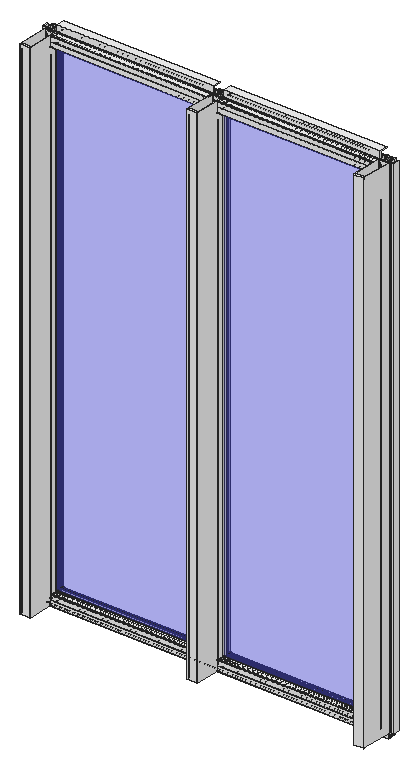
Revit family "Facade_60_Curtain_Wall_E21_Custom", category Windows, host Wall, Revit 2014 (continued)
Definition of nested family "F60 Vertical Profile Side_E21_Cust"
  Automatic sketch dimensions
    Extrusion 9 sketch curve to plane 1 "Center (Front/Back)" = 0.385 mm  (x2)
    Extrusion 9 sketch curve to Extrusion 9 sketch curve = 0.756 mm
    Extrusion 9 sketch curve to Extrusion 9 sketch curve = 2.153 mm
    Extrusion 9 sketch curve to Extrusion 9 sketch curve = 0.631 mm
    Extrusion 9 sketch curve to Extrusion 9 sketch curve = 0.807 mm
    Extrusion 9 sketch curve to Extrusion 9 sketch curve = 1.646 mm
    Extrusion 9 sketch curve to Extrusion 9 sketch curve = 0.707 mm
    Extrusion 9 sketch curve to Extrusion 9 sketch curve = 1.393 mm
    Extrusion 9 sketch curve to Extrusion 9 sketch curve = 1.923 mm
    Extrusion 9 sketch curve to Extrusion 9 sketch curve = 11.937 mm
    Extrusion 9 sketch curve to Extrusion 9 sketch curve = 1.6 mm
    Extrusion 9 sketch curve to Extrusion 9 sketch curve = 0.9 mm  (x2)
    Extrusion 9 sketch curve to Extrusion 9 sketch curve = 1.356 mm  (x2)
    Extrusion 9 sketch curve to Extrusion 9 sketch curve = 0.714 mm
    Extrusion 9 sketch curve to Extrusion 9 sketch curve = 0.02 mm
    Extrusion 9 sketch curve to Extrusion 9 sketch curve = 0.399 mm
    Extrusion 9 sketch curve to Extrusion 9 sketch curve = 2.224 mm
    Extrusion 9 sketch curve to Extrusion 9 sketch curve = 0.448 mm
    Extrusion 9 sketch curve to plane 1 "Center (Front/Back)" = 0.198 mm
    Extrusion 9 sketch curve to plane 1 "Center (Front/Back)" = 0.201 mm
    Extrusion 9 sketch curve to Extrusion 9 sketch curve = 0.032 mm
    Extrusion 9 sketch curve to Extrusion 9 sketch curve = 0 mm
    plane 3 "Center (Left/Right)" to Extrusion 10 sketch curve = 1.014 mm
    Extrusion 10 sketch curve to Extrusion 10 sketch curve = 0.469 mm  (x2)
    plane 3 "Center (Left/Right)" to Extrusion 10 sketch curve = 1.706 mm
    Extrusion 10 sketch curve to Extrusion 10 sketch curve = 1.079 mm
    Extrusion 10 sketch curve to Extrusion 10 sketch curve = 0.864 mm
    Extrusion 10 sketch curve to Extrusion 10 sketch curve = 1.15 mm  (x4)
    Extrusion 10 sketch curve to Extrusion 10 sketch curve = 3.2 mm  (x2)
    Extrusion 10 sketch curve to Extrusion 10 sketch curve = 3.031 mm  (x2)
    Extrusion 10 sketch curve to Extrusion 10 sketch curve = 0.6 mm  (x3)
    Extrusion 10 sketch curve to Extrusion 10 sketch curve = 15.584 mm  (x2)
    Extrusion 10 sketch curve to Extrusion 10 sketch curve = 0.808 mm  (x2)
    Extrusion 10 sketch curve to Extrusion 10 sketch curve = 3.038 mm
    Extrusion 10 sketch curve to Extrusion 10 sketch curve = 0.865 mm
    Extrusion 10 sketch curve to Extrusion 10 sketch curve = 1.25 mm  (x5)
    Extrusion 10 sketch curve to Extrusion 10 sketch curve = 0.61 mm
    plane 1 "Center (Front/Back)" to Extrusion 10 sketch curve = 31.288 mm
    Extrusion 10 sketch curve to Extrusion 10 sketch curve = 0.362 mm
    plane 1 "Center (Front/Back)" to Extrusion 10 sketch curve = 31.65 mm
    Extrusion 10 sketch curve to Extrusion 10 sketch curve = 0.962 mm
    Extrusion 10 sketch curve to Extrusion 10 sketch curve = 0.85 mm
    Extrusion 10 sketch curve to Extrusion 10 sketch curve = 0.512 mm  (x2)
    Extrusion 10 sketch curve to Extrusion 10 sketch curve = 0.4 mm  (x2)
    Extrusion 10 sketch curve to Extrusion 10 sketch curve = 1 mm
    Extrusion 10 sketch curve to Extrusion 10 sketch curve = 2.8 mm
    Extrusion 10 sketch curve to Extrusion 10 sketch curve = 0 mm  (x2)
    Extrusion 10 sketch curve to Extrusion 10 sketch curve = 1.4 mm
    Extrusion 10 sketch curve to Extrusion 10 sketch curve = 0.539 mm  (x2)
    plane 1 "Center (Front/Back)" to Extrusion 10 sketch curve = 28.864 mm
    Extrusion 11 sketch curve to plane 3 "Center (Left/Right)" = 0 mm
    plane 3 "Center (Left/Right)" to Extrusion 11 sketch curve = 0.65 mm
    Extrusion 11 sketch curve to Extrusion 11 sketch curve = 0.128 mm  (x2)
    plane 3 "Center (Left/Right)" to Extrusion 11 sketch curve = 1.014 mm
    plane 3 "Center (Left/Right)" to Extrusion 11 sketch curve = 1.05 mm
    Extrusion 11 sketch curve to Extrusion 11 sketch curve = 0.469 mm  (x2)
    Extrusion 11 sketch curve to Extrusion 11 sketch curve = 1.079 mm
    Extrusion 11 sketch curve to Extrusion 11 sketch curve = 1.317 mm  (x2)
    Extrusion 11 sketch curve to Extrusion 11 sketch curve = 0 mm  (x3)
    plane 3 "Center (Left/Right)" to Extrusion 11 sketch curve = 3.85 mm
    Extrusion 11 sketch curve to Extrusion 11 sketch curve = 0.15 mm  (x2)
    Extrusion 11 sketch curve to Extrusion 11 sketch curve = 26 mm  (x2)
    Extrusion 11 sketch curve to Extrusion 11 sketch curve = 1.05 mm
    Extrusion 11 sketch curve to Extrusion 11 sketch curve = 0.707 mm
    Extrusion 11 sketch curve to Extrusion 11 sketch curve = 0.433 mm
    plane 1 "Center (Front/Back)" to Extrusion 11 sketch curve = 31.288 mm
    plane 1 "Center (Front/Back)" to Extrusion 11 sketch curve = 28.065 mm
    Extrusion 11 sketch curve to Extrusion 11 sketch curve = 1.314 mm
    Extrusion 11 sketch curve to Extrusion 11 sketch curve = 0.65 mm
    Extrusion 11 sketch curve to Extrusion 11 sketch curve = 0.5 mm  (x2)
    plane 1 "Center (Front/Back)" to Extrusion 11 sketch curve = 32.75 mm
    Extrusion 11 sketch curve to Extrusion 11 sketch curve = 0.1 mm  (x3)
    Extrusion 11 sketch curve to Extrusion 11 sketch curve = 1.1 mm  (x2)
    Extrusion 11 sketch curve to Extrusion 11 sketch curve = 8.608 mm
    Extrusion 11 sketch curve to Extrusion 11 sketch curve = 0.962 mm
    Extrusion 12 sketch curve to plane 3 "Center (Left/Right)" = 21.349 mm
    Extrusion 12 sketch curve to Extrusion 12 sketch curve = 6.35 mm
    plane 3 "Center (Left/Right)" to Extrusion 12 sketch curve = 10.403 mm
    plane 1 "Center (Front/Back)" to Extrusion 12 sketch curve = 35.567 mm
    plane 1 "Center (Front/Back)" to Extrusion 12 sketch curve = 10.171 mm
    plane 1 "Center (Front/Back)" to Extrusion 12 sketch curve = 3.821 mm
    Extrusion 13 sketch curve to plane 3 "Center (Left/Right)" = 21.35 mm
    Extrusion 13 sketch curve to Extrusion 13 sketch curve = 6.35 mm
    plane 3 "Center (Left/Right)" to Extrusion 13 sketch curve = 10.402 mm
    plane 1 "Center (Front/Back)" to Extrusion 13 sketch curve = 33.172 mm
    plane 1 "Center (Front/Back)" to Extrusion 13 sketch curve = 7.775 mm
    plane 1 "Center (Front/Back)" to Extrusion 13 sketch curve = 1.425 mm
    Extrusion 14 sketch curve to plane 3 "Center (Left/Right)" = 0 mm
    plane 3 "Center (Left/Right)" to Extrusion 14 sketch curve = 1.2 mm
    Extrusion 14 sketch curve to Extrusion 14 sketch curve = 9.6 mm
    Extrusion 14 sketch curve to Extrusion 14 sketch curve = 1.2 mm  (x3)
    plane 1 "Center (Front/Back)" to Extrusion 14 sketch curve = 25.775 mm
    plane 1 "Center (Front/Back)" to Extrusion 14 sketch curve = 8.975 mm
    curve 4 to Extrusion 6 = 0 mm
    curve 3 to Extrusion 6 = 0 mm
    curve 1 to Extrusion 6 = 0 mm
    curve 4 to Extrusion 6 = 3.6 mm
    curve 3 to Extrusion 6 = 3.6 mm
    curve 1 to Extrusion 6 = 3.6 mm
    Extrusion 6 to curve 2 = 1 mm
    Extrusion 6 to curve 5 = 1 mm
    Extrusion 6 to curve 6 = 1 mm
    curve 6 to Extrusion 6 = 1 mm
    curve 5 to Extrusion 6 = 1 mm
    curve 2 to Extrusion 6 = 1 mm
    curve 9 to Extrusion 6 = 0 mm
    curve 8 to Extrusion 6 = 0 mm
    curve 7 to Extrusion 6 = 0 mm
    Extrusion 6 to curve 8 = 3.6 mm
    Extrusion 6 to curve 9 = 3.6 mm
    Extrusion 6 to curve 7 = 3.6 mm
    curve 12 to Extrusion 5 = 25.894 mm
    curve 11 to Extrusion 5 = 25.894 mm
    curve 10 to Extrusion 5 = 25.894 mm
    curve 10 to Extrusion 5 = 0.108 mm
    Extrusion 5 to curve 12 = 0.703 mm
    Extrusion 5 to curve 11 = 0.703 mm
    curve 13 to Extrusion 5 = 4 mm
    curve 14 to Extrusion 5 = 4 mm
    curve 15 to Extrusion 5 = 4 mm
    Extrusion 5 to curve 15 = 0.702 mm
    Extrusion 5 to curve 14 = 0.702 mm
    Extrusion 5 to curve 13 = 0.702 mm
    curve 18 to Extrusion 7 = 0 mm
    curve 17 to Extrusion 7 = 0 mm
    curve 16 to Extrusion 7 = 0 mm
    Extrusion 7 to curve 17 = 3.6 mm
    Extrusion 7 to curve 18 = 3.6 mm
    Extrusion 7 to curve 16 = 3.6 mm
    Extrusion 7 to curve 21 = 1 mm  (x2)
    Extrusion 7 to curve 20 = 1 mm  (x2)
    Extrusion 7 to curve 19 = 1 mm  (x2)
    curve 24 to Extrusion 7 = 0 mm
    curve 23 to Extrusion 7 = 0 mm
    curve 22 to Extrusion 7 = 0 mm
    curve 24 to Extrusion 7 = 3.6 mm
    curve 23 to Extrusion 7 = 3.6 mm
    curve 22 to Extrusion 7 = 3.6 mm
    curve 27 to Extrusion 8 = 0 mm
    curve 26 to Extrusion 8 = 0 mm
    curve 25 to Extrusion 8 = 0 mm
    Extrusion 8 to curve 26 = 3.6 mm
    Extrusion 8 to curve 27 = 3.6 mm
    Extrusion 8 to curve 25 = 3.6 mm
    Extrusion 8 to curve 30 = 0.221 mm
    Extrusion 8 to curve 29 = 0.221 mm
    Extrusion 8 to curve 28 = 0.221 mm
    curve 29 to Extrusion 8 = 0.222 mm
    curve 30 to Extrusion 8 = 0.222 mm
    curve 28 to Extrusion 8 = 0.222 mm
    curve 33 to Extrusion 8 = 0 mm
    curve 32 to Extrusion 8 = 0 mm
    curve 31 to Extrusion 8 = 0 mm
    curve 33 to Extrusion 8 = 3.6 mm
    curve 32 to Extrusion 8 = 3.6 mm
    curve 31 to Extrusion 8 = 3.6 mm
    curve 34 to Extrusion 11 = 4.016 mm
    curve 35 to Extrusion 11 = 4.016 mm
    curve 36 to Extrusion 11 = 3.97 mm
    Extrusion 11 to curve 36 = 0.637 mm
    Extrusion 11 to curve 35 = 0.637 mm
    Extrusion 11 to curve 34 = 0.637 mm
    curve 37 to Extrusion 11 = 29.221 mm
    curve 38 to Extrusion 11 = 29.221 mm
    curve 39 to Extrusion 11 = 29.221 mm
    Extrusion 11 to curve 39 = 3.222 mm
    Extrusion 11 to curve 38 = 3.222 mm
    Extrusion 11 to curve 37 = 3.222 mm
Definition of nested family "F60 Horizontal Profile Top_E21_Cust"
  Parameters (values of type "F60 Horizontal Profile Top")
    Thermal Break Material [instance] = none
    Single Glazing [instance] = yes
    Profile Material [instance] = none
    Length [instance] = 250 mm
    Double Glazing [instance] = yes
  Reference planes
    plane 1 "Center (Front/Back)": y = 0
    plane 2: z = 0
    plane 3 "Center (Left/Right)": x = 0
  Forms (mm)
    Extrusion 1, solid, material <- "Profile Material"
      sketch origin (0, 0, 0) x (0, 1, 0) y (0, 0, 1)
        loop
          line (-9.94, 7.845) -> (-8.37, 6.275) -> (-1.2, 10.415) -> (-1.2, 1.2) -> (-5, 1.2) -> (-5, 0) -> (-1, 0)
          arc (-1, 0) -> (-0.293, 0.293) -> (0, 1) r 1
          line (0, 1) -> (0, 30) -> (0, 59)
          arc (0, 59) -> (-0.293, 59.707) -> (-1, 60) r 1
          line (-1, 60) -> (-5, 60) -> (-5, 58.8) -> (-1.2, 58.8) -> (-1.2, 49.585) -> (-8.37, 53.725) -> (-9.94, 52.155)
          arc (-9.94, 52.155) -> (-9.902, 51.269) -> (-9.016, 51.232) r 0.655
          line (-9.016, 51.232) -> (-8.077, 52.17) -> (-1.2, 48.2) -> (-1.2, 30) -> (-1.2, 11.8) -> (-8.077, 7.83) -> (-9.016, 8.768)
          arc (-9.016, 8.768) -> (-9.902, 8.731) -> (-9.94, 7.845) r 0.655
      from 0 to 250 <- "Length"
    Extrusion 2, solid, material <- "Profile Material"
      sketch origin (0, 0, 0) x (0, 1, 0) y (0, 0, 1)
        loop
          line (-5, 60) -> (-44.6, 60) -> (-44.6, 58.35) -> (-39.944, 58.35) -> (-39.944, 1.65) -> (-44.6, 1.65) -> (-44.6, 0) -> (-5, 0) -> (-5, 2.2) -> (-4.2, 2.2) -> (-4.2, 3.018)
          arc (-4.2, 3.018) -> (-4.352, 3.783) -> (-4.786, 4.432) r 2
          line (-4.786, 4.432) -> (-7.054, 6.7) -> (-8, 6.489) -> (-8, 5.7) -> (-7.205, 5.7) -> (-7.205, 2.95) -> (-8, 2.95) -> (-8, 1.95) -> (-12.752, 1.95) -> (-12.752, 6.7) -> (-14.152, 6.7) -> (-14.152, 1.65) -> (-38.65, 1.65) -> (-38.65, 8.33) -> (-37.097, 8.33) -> (-34.666, 6.973)
          arc (-34.666, 6.973) -> (-33.846, 7.192) -> (-34.066, 8.012) r 0.6
          line (-34.066, 8.012) -> (-37.128, 9.78) -> (-38.65, 9.78) -> (-38.65, 12.65) -> (-37.6, 13.7) -> (-37.6, 20.3) -> (-38.65, 21.35) -> (-38.65, 38.65) -> (-37.6, 39.7) -> (-37.6, 46.3) -> (-38.65, 47.35) -> (-38.65, 50.22) -> (-37.128, 50.22) -> (-34.066, 51.988)
          arc (-34.066, 51.988) -> (-33.846, 52.808) -> (-34.666, 53.027) r 0.6
          line (-34.666, 53.027) -> (-37.032, 51.661) -> (-38.65, 51.661) -> (-38.65, 58.35) -> (-14.152, 58.35) -> (-14.152, 53.3) -> (-12.752, 53.3) -> (-12.752, 58.05) -> (-8, 58.05) -> (-8, 57.05) -> (-7.205, 57.05) -> (-7.205, 54.3) -> (-8, 54.3) -> (-8, 53.511) -> (-7.054, 53.3) -> (-4.786, 55.568)
          arc (-4.786, 55.568) -> (-4.352, 56.217) -> (-4.2, 56.982) r 2
          line (-4.2, 56.982) -> (-4.2, 57.8) -> (-5, 57.8) -> (-5, 60)
      from 0 to 250 <- "Length"
    Extrusion 3, solid, material <- "Thermal Break Material"
      sketch origin (0, 0, 0) x (0, 1, 0) y (0, 0, 1)
        loop
          line (-40, 1.75) -> (-40, 30) -> (-40, 58.25) -> (-44.6, 58.25) -> (-44.6, 60) -> (-45.9, 60) -> (-45.9, 53.65) -> (-41.788, 53.65)
          arc (-41.788, 53.65) -> (-41.363, 53.474) -> (-41.187, 53.05) r 0.6
          line (-41.187, 53.05) -> (-41.187, 30) -> (-41.187, 6.95)
          arc (-41.187, 6.95) -> (-41.363, 6.526) -> (-41.788, 6.35) r 0.6
          line (-41.788, 6.35) -> (-45.9, 6.35) -> (-45.9, 0) -> (-44.6, 0) -> (-44.6, 1.75) -> (-40, 1.75)
      from 0 to 250 <- "Length"
    Extrusion 4, solid, material <- "Profile Material"
      sketch origin (0, 0, 0) x (0, 1, 0) y (0, 0, 1)
        loop
          line (-58.5, 25.249) -> (-43.6, 25.249)
          arc (-43.6, 25.249) -> (-43.034, 25.015) -> (-42.8, 24.449) r 0.8
          line (-42.8, 24.449) -> (-42.8, 7.9) -> (-44.4, 7.9) -> (-44.4, 9.45) -> (-45.25, 9.45)
          arc (-45.25, 9.45) -> (-45.674, 9.274) -> (-45.85, 8.85) r 0.6
          line (-45.85, 8.85) -> (-45.85, 7.9) -> (-48.8, 7.9)
          arc (-48.8, 7.9) -> (-49.3, 8.4) -> (-49.8, 7.9) r 0.5
          line (-49.8, 7.9) -> (-49.8, 5.55) -> (-48.65, 5.55) -> (-48.65, 6.7) -> (-47.35, 6.7) -> (-47.35, 1.2) -> (-48.65, 1.2) -> (-48.65, 2.35) -> (-49.8, 2.35) -> (-49.8, 0.5)
          arc (-49.8, 0.5) -> (-49.654, 0.146) -> (-49.3, 0) r 0.5
          line (-49.3, 0) -> (-45.9, 0) -> (-45.9, 6.45) -> (-42.2, 6.45)
          arc (-42.2, 6.45) -> (-41.634, 6.684) -> (-41.4, 7.25) r 0.8
          line (-41.4, 7.25) -> (-41.4, 30) -> (-41.4, 52.75)
          arc (-41.4, 52.75) -> (-41.634, 53.316) -> (-42.2, 53.55) r 0.8
          line (-42.2, 53.55) -> (-45.9, 53.55) -> (-45.9, 60) -> (-49.3, 60)
          arc (-49.3, 60) -> (-49.654, 59.854) -> (-49.8, 59.5) r 0.5
          line (-49.8, 59.5) -> (-49.8, 57.65) -> (-48.65, 57.65) -> (-48.65, 58.8) -> (-47.35, 58.8) -> (-47.35, 53.3) -> (-48.65, 53.3) -> (-48.65, 54.45) -> (-49.8, 54.45) -> (-49.8, 52.1)
          arc (-49.8, 52.1) -> (-49.3, 51.6) -> (-48.8, 52.1) r 0.5
          line (-48.8, 52.1) -> (-45.85, 52.1) -> (-45.85, 51.15)
          arc (-45.85, 51.15) -> (-45.674, 50.726) -> (-45.25, 50.55) r 0.6
          line (-45.25, 50.55) -> (-44.4, 50.55) -> (-44.4, 52.1) -> (-42.8, 52.1) -> (-42.8, 35.551)
          arc (-42.8, 35.551) -> (-43.034, 34.985) -> (-43.6, 34.751) r 0.8
          line (-43.6, 34.751) -> (-58.5, 34.751)
          arc (-58.5, 34.751) -> (-59.066, 34.516) -> (-59.3, 33.951) r 0.8
          line (-59.3, 33.951) -> (-59.3, 32.902) -> (-42.8, 32.902) -> (-42.8, 27.1) -> (-59.3, 27.1) -> (-59.3, 26.049)
          arc (-59.3, 26.049) -> (-59.066, 25.484) -> (-58.5, 25.249) r 0.8
      from 0 to 250 <- "Length"
    Extrusion 5, solid, material <- "Thermal Break Material", visible <- "Single Glazing"
      sketch origin (0, 0, 0) x (0, 1, 0) y (0, 0, 1)
        loop
          arc (-63.8, 25.751) -> (-63.654, 25.397) -> (-63.3, 25.251) r 0.5
          line (-63.3, 25.251) -> (-59.8, 25.251)
          arc (-59.8, 25.251) -> (-59.446, 25.397) -> (-59.3, 25.751) r 0.5
          line (-59.3, 25.751) -> (-59.3, 27.648) -> (-49.599, 27.648) -> (-47.528, 28.651)
          arc (-47.528, 28.651) -> (-46.803, 30.001) -> (-47.528, 31.351) r 1.62
          line (-47.528, 31.351) -> (-49.599, 32.353) -> (-59.3, 32.353) -> (-59.3, 34.251)
          arc (-59.3, 34.251) -> (-59.446, 34.604) -> (-59.8, 34.751) r 0.5
          line (-59.8, 34.751) -> (-63.3, 34.751)
          arc (-63.3, 34.751) -> (-63.654, 34.604) -> (-63.8, 34.251) r 0.5
          line (-63.8, 34.251) -> (-63.8, 32.328) -> (-62.4, 31.52) -> (-62.4, 28.483) -> (-63.8, 27.673) -> (-63.8, 25.751)
        loop
          line (-59.794, 28.506) -> (-59.006, 29.294)
          arc (-59.006, 29.294) -> (-58.788, 29.618) -> (-58.713, 30.001) r 0.986
          arc (-58.713, 30.001) -> (-58.79, 30.384) -> (-59.008, 30.71) r 1.007
          line (-59.008, 30.71) -> (-59.794, 31.496) -> (-60.65, 31.496)
          arc (-60.65, 31.496) -> (-61.004, 31.349) -> (-61.15, 30.996) r 0.5
          line (-61.15, 30.996) -> (-61.15, 29.006)
          arc (-61.15, 29.006) -> (-61.004, 28.652) -> (-60.65, 28.506) r 0.5
          line (-60.65, 28.506) -> (-59.794, 28.506)
        loop
          line (-47.854, 30.898) -> (-49.415, 31.653) -> (-56.782, 31.653)
          arc (-56.782, 31.653) -> (-57.207, 31.417) -> (-57.23, 30.932) r 0.5
          arc (-57.23, 30.932) -> (-57.013, 30.001) -> (-57.23, 29.07) r 2.099
          arc (-57.23, 29.07) -> (-57.207, 28.584) -> (-56.782, 28.348) r 0.5
          line (-56.782, 28.348) -> (-49.415, 28.348) -> (-48.055, 29.007)
          arc (-48.055, 29.007) -> (-47.35, 29.888) -> (-47.854, 30.898) r 1.047
      from 0 to 250 <- "Length"
    Extrusion 6, solid, material <- "Profile Material", visible <- "Single Glazing"
      sketch origin (0, 0, 0) x (0, 1, 0) y (0, 0, 1)
        loop
          line (-63.8, 52.694) -> (-64.8, 52.694) -> (-64.8, 51.544) -> (-66.05, 51.544) -> (-66.05, 57.044) -> (-64.8, 57.044) -> (-64.8, 55.894) -> (-63.8, 55.894) -> (-63.8, 58.294)
          arc (-63.8, 58.294) -> (-64.082, 58.803) -> (-64.664, 58.835) r 0.6
          line (-64.664, 58.835) -> (-66.562, 57.91) -> (-67.088, 58.988) -> (-68.05, 58.519) -> (-68.05, 48.513)
          arc (-68.05, 48.513) -> (-67.874, 48.089) -> (-67.45, 47.913) r 0.6
          line (-67.45, 47.913) -> (-66.6, 47.913) -> (-66.6, 12.09) -> (-67.45, 12.09)
          arc (-67.45, 12.09) -> (-67.874, 11.914) -> (-68.05, 11.49) r 0.6
          line (-68.05, 11.49) -> (-68.05, 1.485) -> (-67.088, 1.016) -> (-66.562, 2.095) -> (-64.663, 1.169)
          arc (-64.663, 1.169) -> (-64.082, 1.2) -> (-63.8, 1.709) r 0.6
          line (-63.8, 1.709) -> (-63.8, 4.109) -> (-64.8, 4.109) -> (-64.8, 2.959) -> (-66.05, 2.959) -> (-66.05, 8.459) -> (-64.8, 8.459) -> (-64.8, 7.309) -> (-63.8, 7.309) -> (-63.8, 27.674) -> (-62.4, 28.483) -> (-62.4, 31.521) -> (-63.8, 32.329) -> (-63.8, 52.694)
      from 0 to 250 <- "Length"
    Extrusion 7, solid, material <- "Profile Material", visible <- "Single Glazing"
      sketch origin (0, 0, 0) x (0, 1, 0) y (0, 0, 1)
        loop
          line (-68.551, 3.3) -> (-76.559, 3.3) -> (-76.559, 30) -> (-76.559, 56.15)
          arc (-76.559, 56.15) -> (-75.739, 58.13) -> (-73.759, 58.95) r 2.8
          line (-73.759, 58.95) -> (-69.151, 58.95) -> (-69.151, 57.2)
          arc (-69.151, 57.2) -> (-68.987, 56.829) -> (-68.601, 56.703) r 0.5
          arc (-68.601, 56.703) -> (-68.216, 56.829) -> (-68.051, 57.2) r 0.5
          line (-68.051, 57.2) -> (-68.051, 58.517) -> (-67.089, 58.986) -> (-66.563, 57.907) -> (-63.866, 59.222)
          arc (-63.866, 59.222) -> (-64.001, 59.762) -> (-64.504, 60) r 0.65
          line (-64.504, 60) -> (-73.859, 60)
          arc (-73.859, 60) -> (-76.687, 58.828) -> (-77.859, 56) r 4
          line (-77.859, 56) -> (-77.859, 30) -> (-77.859, 2.493)
          arc (-77.859, 2.493) -> (-77.197, 0.799) -> (-75.562, 0.002) r 2.5
          arc (-75.562, 0.002) -> (-75.182, 0.132) -> (-75.021, 0.5) r 0.5
          line (-75.021, 0.5) -> (-75.021, 2) -> (-69.151, 2) -> (-69.151, 0.5)
          arc (-69.151, 0.5) -> (-69.005, 0.146) -> (-68.651, 0) r 0.5
          line (-68.651, 0) -> (-64.504, 0)
          arc (-64.504, 0) -> (-64.001, 0.238) -> (-63.866, 0.778) r 0.65
          line (-63.866, 0.778) -> (-66.563, 2.093) -> (-67.089, 1.014) -> (-68.051, 1.483) -> (-68.051, 2.8)
          arc (-68.051, 2.8) -> (-68.198, 3.154) -> (-68.551, 3.3) r 0.5
      from 0 to 250 <- "Length"
    Extrusion 8, solid, material <- "Thermal Break Material", visible <- "Double Glazing"
      sketch origin (0, 0, 0) x (0, 1, 0) y (0, 0, 1)
        loop
          line (-77.8, 27.673) -> (-77.8, 25.751)
          arc (-77.8, 25.751) -> (-77.654, 25.397) -> (-77.3, 25.251) r 0.5
          line (-77.3, 25.251) -> (-59.8, 25.251)
          arc (-59.8, 25.251) -> (-59.446, 25.397) -> (-59.3, 25.751) r 0.5
          line (-59.3, 25.751) -> (-59.3, 27.647) -> (-49.599, 27.647) -> (-47.528, 28.649)
          arc (-47.528, 28.649) -> (-46.803, 29.999) -> (-47.528, 31.349) r 1.62
          line (-47.528, 31.349) -> (-49.602, 32.353) -> (-59.3, 32.353) -> (-59.3, 34.251)
          arc (-59.3, 34.251) -> (-59.446, 34.604) -> (-59.8, 34.751) r 0.5
          line (-59.8, 34.751) -> (-77.3, 34.751)
          arc (-77.3, 34.751) -> (-77.654, 34.604) -> (-77.8, 34.251) r 0.5
          line (-77.8, 34.251) -> (-77.8, 32.327) -> (-76.4, 31.52) -> (-76.4, 28.482) -> (-77.8, 27.673)
        loop
          line (-59.006, 30.708) -> (-61.156, 32.858)
          arc (-61.156, 32.858) -> (-61.48, 33.074) -> (-61.863, 33.151) r 1
          line (-61.863, 33.151) -> (-73.8, 33.151)
          arc (-73.8, 33.151) -> (-74.507, 32.858) -> (-74.8, 32.151) r 1
          line (-74.8, 32.151) -> (-74.8, 27.851)
          arc (-74.8, 27.851) -> (-74.507, 27.144) -> (-73.8, 26.851) r 1
          line (-73.8, 26.851) -> (-61.863, 26.851)
          arc (-61.863, 26.851) -> (-61.48, 26.927) -> (-61.156, 27.144) r 1
          line (-61.156, 27.144) -> (-59.006, 29.294)
          arc (-59.006, 29.294) -> (-58.788, 29.618) -> (-58.713, 30.001) r 0.986
          arc (-58.713, 30.001) -> (-58.79, 30.383) -> (-59.006, 30.708) r 1.007
        loop
          line (-56.782, 28.347) -> (-49.415, 28.347) -> (-48.055, 29.005)
          arc (-48.055, 29.005) -> (-47.35, 29.887) -> (-47.854, 30.896) r 1.047
          line (-47.854, 30.896) -> (-49.415, 31.652) -> (-56.782, 31.652)
          arc (-56.782, 31.652) -> (-57.207, 31.416) -> (-57.23, 30.93) r 0.5
          arc (-57.23, 30.93) -> (-57.013, 29.999) -> (-57.23, 29.068) r 2.099
          arc (-57.23, 29.068) -> (-57.207, 28.583) -> (-56.782, 28.347) r 0.5
      from 0 to 250 <- "Length"
    Extrusion 9, solid, material <- "Profile Material", visible <- "Double Glazing"
      sketch origin (0, 0, 0) x (0, 1, 0) y (0, 0, 1)
        loop
          line (-77.8, 52.694) -> (-78.8, 52.694) -> (-78.8, 51.544) -> (-80.05, 51.544) -> (-80.05, 57.044) -> (-78.8, 57.044) -> (-78.8, 55.894) -> (-77.8, 55.894) -> (-77.8, 58.294)
          arc (-77.8, 58.294) -> (-78.082, 58.802) -> (-78.664, 58.834) r 0.6
          line (-78.664, 58.834) -> (-80.562, 57.909) -> (-81.088, 58.988) -> (-82.05, 58.518) -> (-82.05, 48.512)
          arc (-82.05, 48.512) -> (-81.874, 48.088) -> (-81.45, 47.912) r 0.6
          line (-81.45, 47.912) -> (-80.6, 47.912) -> (-80.6, 12.089) -> (-81.45, 12.089)
          arc (-81.45, 12.089) -> (-81.874, 11.913) -> (-82.05, 11.489) r 0.6
          line (-82.05, 11.489) -> (-82.05, 1.484) -> (-81.088, 1.015) -> (-80.562, 2.094) -> (-78.663, 1.169)
          arc (-78.663, 1.169) -> (-78.082, 1.199) -> (-77.8, 1.708) r 0.6
          line (-77.8, 1.708) -> (-77.8, 4.108) -> (-78.8, 4.108) -> (-78.8, 2.958) -> (-80.05, 2.958) -> (-80.05, 8.458) -> (-78.8, 8.458) -> (-78.8, 7.308) -> (-77.8, 7.308) -> (-77.8, 27.673) -> (-76.4, 28.482) -> (-76.4, 31.52) -> (-77.8, 32.328) -> (-77.8, 52.694)
      from 0 to 250 <- "Length"
    Extrusion 10, solid, material <- "Profile Material", visible <- "Double Glazing"
      sketch origin (0, 0, 0) x (0, 1, 0) y (0, 0, 1)
        loop
          line (-82.551, 3.3) -> (-90.558, 3.3) -> (-90.558, 30) -> (-90.558, 56.15)
          arc (-90.558, 56.15) -> (-89.738, 58.13) -> (-87.758, 58.95) r 2.8
          line (-87.758, 58.95) -> (-83.151, 58.95) -> (-83.151, 57.2)
          arc (-83.151, 57.2) -> (-82.986, 56.829) -> (-82.601, 56.703) r 0.5
          arc (-82.601, 56.703) -> (-82.215, 56.829) -> (-82.051, 57.2) r 0.5
          line (-82.051, 57.2) -> (-82.051, 58.517) -> (-81.088, 58.986) -> (-80.563, 57.907) -> (-77.866, 59.222)
          arc (-77.866, 59.222) -> (-78, 59.762) -> (-78.503, 60) r 0.65
          line (-78.503, 60) -> (-87.858, 60)
          arc (-87.858, 60) -> (-90.687, 58.828) -> (-91.858, 56) r 4
          line (-91.858, 56) -> (-91.858, 30) -> (-91.858, 2.493)
          arc (-91.858, 2.493) -> (-91.196, 0.799) -> (-89.561, 0.002) r 2.5
          arc (-89.561, 0.002) -> (-89.182, 0.132) -> (-89.021, 0.5) r 0.5
          line (-89.021, 0.5) -> (-89.021, 2) -> (-83.151, 2) -> (-83.151, 0.5)
          arc (-83.151, 0.5) -> (-83.004, 0.146) -> (-82.651, 0) r 0.5
          line (-82.651, 0) -> (-78.503, 0)
          arc (-78.503, 0) -> (-78, 0.238) -> (-77.866, 0.778) r 0.65
          line (-77.866, 0.778) -> (-80.563, 2.093) -> (-81.088, 1.014) -> (-82.051, 1.483) -> (-82.051, 2.8)
          arc (-82.051, 2.8) -> (-82.197, 3.154) -> (-82.551, 3.3) r 0.5
      from 0 to 250 <- "Length"
    Extrusion 11, solid, material <- "Profile Material", visible <- "Double Glazing"
      sketch origin (0, 0, 0) x (0, 1, 0) y (0, 0, 1)
        loop
          line (-57.8, 45.73) -> (-51.8, 45.73) -> (-51.8, 95.73) -> (-101.8, 95.73) -> (-101.8, 89.73) -> (-57.8, 89.73) -> (-57.8, 45.73)
      from 0 to 250 <- "Length"
    Extrusion 12, solid, material <- "Profile Material", visible <- "Double Glazing"
      sketch origin (0, 0, 0) x (0, 1, 0) y (0, 0, 1)
        loop
          line (-75.8, 48) -> (-57.8, 48) -> (-57.8, 60) -> (-75.8, 60) -> (-75.8, 48)
        loop
          line (-74.6, 49.2) -> (-59, 49.2) -> (-59, 58.8) -> (-74.6, 58.8) -> (-74.6, 49.2)
      from 0 to 250 <- "Length"
    Extrusion 13, solid, material <- "Profile Material", visible <- "Single Glazing"
      sketch origin (0, 0, 0) x (0, 1, 0) y (0, 0, 1)
        loop
          line (-59.8, 45.865) -> (-53.8, 45.865) -> (-53.8, 95.865) -> (-103.8, 95.865) -> (-103.8, 89.865) -> (-59.8, 89.865) -> (-59.8, 45.865)
      from 0 to 250 <- "Length"
  Dimensions and locks
    aligned and locked: level to plane 2
Definition of nested family "F60 Sill_E21_Cust"
  Parameters (values of type "F60 Sill")
    Profile Material [instance] = none
    Length Sill [instance] = 250 mm
  Reference planes
    plane 1 "Center (Front/Back)": y = 0
    plane 2: z = 0
    plane 3 "Center (Left/Right)": x = 0
  Forms (mm)
    Extrusion 1, solid, material <- "Profile Material"
      sketch origin (0, 0, 0) x (0, 1, 0) y (0, 0, 1)
        loop
          line (-42.734, 5.324) -> (-48.256, 4.643)
          arc (-48.256, 4.643) -> (-49.196, 4.147) -> (-49.572, 3.154) r 1.5
          line (-49.572, 3.154) -> (-49.572, 1.88) -> (-47.772, 1.88) -> (-47.772, 3.191) -> (-19.233, 6.714)
          arc (-19.233, 6.714) -> (-17.924, 7.083) -> (-16.785, 7.826) r 4.5
          line (-16.785, 7.826) -> (-16.785, 1.88) -> (-15.285, 1.88) -> (-15.285, 24.58)
          arc (-15.285, 24.58) -> (-15.109, 25.004) -> (-14.685, 25.18) r 0.6
          line (-14.685, 25.18) -> (-4.072, 25.18) -> (-4.072, 1.88) -> (-2.572, 1.88) -> (-2.572, 29.88) -> (-4.072, 29.88) -> (-4.072, 28.88) -> (-5.222, 28.88) -> (-5.222, 27.68) -> (-4.072, 27.68) -> (-4.072, 26.38) -> (-9.572, 26.38) -> (-9.572, 27.68) -> (-8.422, 27.68) -> (-8.422, 28.88) -> (-10.172, 28.88)
          arc (-10.172, 28.88) -> (-10.597, 28.704) -> (-10.772, 28.28) r 0.6
          line (-10.772, 28.28) -> (-10.772, 26.38) -> (-15.285, 26.38)
          arc (-15.285, 26.38) -> (-16.345, 25.941) -> (-16.785, 24.88) r 1.5
          line (-16.785, 24.88) -> (-16.785, 11.18)
          arc (-16.785, 11.18) -> (-17.537, 9.193) -> (-19.417, 8.203) r 3
          line (-19.417, 8.203) -> (-39.35, 5.742)
          arc (-39.35, 5.742) -> (-40.527, 6.107) -> (-41.034, 7.231) r 1.5
          line (-41.034, 7.231) -> (-41.034, 19.996)
          arc (-41.034, 19.996) -> (-40.883, 20.394) -> (-40.507, 20.592) r 0.6
          line (-40.507, 20.592) -> (-32.917, 21.529)
          arc (-32.917, 21.529) -> (-31.977, 22.024) -> (-31.601, 23.017) r 1.5
          line (-31.601, 23.017) -> (-31.601, 28.88) -> (-33.101, 28.88) -> (-33.101, 23.548)
          arc (-33.101, 23.548) -> (-33.251, 23.15) -> (-33.627, 22.952) r 0.6
          line (-33.627, 22.952) -> (-45.787, 21.451)
          arc (-45.787, 21.451) -> (-46.727, 20.956) -> (-47.104, 19.962) r 1.5
          line (-47.104, 19.962) -> (-47.104, 19.054)
          arc (-47.104, 19.054) -> (-46.957, 18.7) -> (-46.604, 18.554) r 0.5
          line (-46.604, 18.554) -> (-45.604, 18.554) -> (-45.604, 19.962) -> (-42.734, 20.317) -> (-42.734, 5.324)
      from 0 to 250 <- "Length Sill"
  Dimensions and locks
    aligned and locked: level to plane 2
Definition of nested family "F60 Horizontal Profile Bottom_E21_Cust"
  Parameters (values of type "F60 Horizontal Profile Bottom")
    Thermal Break Material [instance] = none
    Single Glazing [instance] = yes
    Profile Material [instance] = none
    Length [instance] = 250 mm
    Double Glazing [instance] = yes
  Reference planes
    plane 1 "Center (Front/Back)": y = 0
    plane 2: z = 0
    plane 3 "Center (Left/Right)": x = 0
  Forms (mm)
    Extrusion 1, solid, material <- "Profile Material"
      sketch origin (0, 0, 0) x (0, 1, 0) y (0, 0, 1)
        loop
          line (-9.94, 7.845) -> (-8.37, 6.275) -> (-1.2, 10.415) -> (-1.2, 1.2) -> (-5, 1.2) -> (-5, 0) -> (-1, 0)
          arc (-1, 0) -> (-0.293, 0.293) -> (0, 1) r 1
          line (0, 1) -> (0, 30) -> (0, 59)
          arc (0, 59) -> (-0.293, 59.707) -> (-1, 60) r 1
          line (-1, 60) -> (-5, 60) -> (-5, 58.8) -> (-1.2, 58.8) -> (-1.2, 49.585) -> (-8.37, 53.725) -> (-9.94, 52.155)
          arc (-9.94, 52.155) -> (-9.902, 51.269) -> (-9.016, 51.232) r 0.655
          line (-9.016, 51.232) -> (-8.077, 52.17) -> (-1.2, 48.2) -> (-1.2, 30) -> (-1.2, 11.8) -> (-8.077, 7.83) -> (-9.016, 8.768)
          arc (-9.016, 8.768) -> (-9.902, 8.731) -> (-9.94, 7.845) r 0.655
      from 0 to 250 <- "Length"
    Extrusion 2, solid, material <- "Profile Material"
      sketch origin (0, 0, 0) x (0, 1, 0) y (0, 0, 1)
        loop
          line (-5, 60) -> (-44.6, 60) -> (-44.6, 58.35) -> (-39.944, 58.35) -> (-39.944, 1.65) -> (-44.6, 1.65) -> (-44.6, 0) -> (-5, 0) -> (-5, 2.2) -> (-4.2, 2.2) -> (-4.2, 3.018)
          arc (-4.2, 3.018) -> (-4.352, 3.783) -> (-4.786, 4.432) r 2
          line (-4.786, 4.432) -> (-7.054, 6.7) -> (-8, 6.489) -> (-8, 5.7) -> (-7.205, 5.7) -> (-7.205, 2.95) -> (-8, 2.95) -> (-8, 1.95) -> (-12.752, 1.95) -> (-12.752, 6.7) -> (-14.152, 6.7) -> (-14.152, 1.65) -> (-38.65, 1.65) -> (-38.65, 8.33) -> (-37.097, 8.33) -> (-34.666, 6.973)
          arc (-34.666, 6.973) -> (-33.846, 7.192) -> (-34.066, 8.012) r 0.6
          line (-34.066, 8.012) -> (-37.128, 9.78) -> (-38.65, 9.78) -> (-38.65, 12.65) -> (-37.6, 13.7) -> (-37.6, 20.3) -> (-38.65, 21.35) -> (-38.65, 38.65) -> (-37.6, 39.7) -> (-37.6, 46.3) -> (-38.65, 47.35) -> (-38.65, 50.22) -> (-37.128, 50.22) -> (-34.066, 51.988)
          arc (-34.066, 51.988) -> (-33.846, 52.808) -> (-34.666, 53.027) r 0.6
          line (-34.666, 53.027) -> (-37.032, 51.661) -> (-38.65, 51.661) -> (-38.65, 58.35) -> (-14.152, 58.35) -> (-14.152, 53.3) -> (-12.752, 53.3) -> (-12.752, 58.05) -> (-8, 58.05) -> (-8, 57.05) -> (-7.205, 57.05) -> (-7.205, 54.3) -> (-8, 54.3) -> (-8, 53.511) -> (-7.054, 53.3) -> (-4.786, 55.568)
          arc (-4.786, 55.568) -> (-4.352, 56.217) -> (-4.2, 56.982) r 2
          line (-4.2, 56.982) -> (-4.2, 57.8) -> (-5, 57.8) -> (-5, 60)
      from 0 to 250 <- "Length"
    Extrusion 3, solid, material <- "Thermal Break Material"
      sketch origin (0, 0, 0) x (0, 1, 0) y (0, 0, 1)
        loop
          line (-40, 1.75) -> (-40, 30) -> (-40, 58.25) -> (-44.6, 58.25) -> (-44.6, 60) -> (-45.9, 60) -> (-45.9, 53.65) -> (-41.788, 53.65)
          arc (-41.788, 53.65) -> (-41.363, 53.474) -> (-41.187, 53.05) r 0.6
          line (-41.187, 53.05) -> (-41.187, 30) -> (-41.187, 6.95)
          arc (-41.187, 6.95) -> (-41.363, 6.526) -> (-41.788, 6.35) r 0.6
          line (-41.788, 6.35) -> (-45.9, 6.35) -> (-45.9, 0) -> (-44.6, 0) -> (-44.6, 1.75) -> (-40, 1.75)
      from 0 to 250 <- "Length"
    Extrusion 4, solid, material <- "Profile Material"
      sketch origin (0, 0, 0) x (0, 1, 0) y (0, 0, 1)
        loop
          line (-58.5, 25.249) -> (-43.6, 25.249)
          arc (-43.6, 25.249) -> (-43.034, 25.015) -> (-42.8, 24.449) r 0.8
          line (-42.8, 24.449) -> (-42.8, 7.9) -> (-44.4, 7.9) -> (-44.4, 9.45) -> (-45.25, 9.45)
          arc (-45.25, 9.45) -> (-45.674, 9.274) -> (-45.85, 8.85) r 0.6
          line (-45.85, 8.85) -> (-45.85, 7.9) -> (-48.8, 7.9)
          arc (-48.8, 7.9) -> (-49.3, 8.4) -> (-49.8, 7.9) r 0.5
          line (-49.8, 7.9) -> (-49.8, 5.55) -> (-48.65, 5.55) -> (-48.65, 6.7) -> (-47.35, 6.7) -> (-47.35, 1.2) -> (-48.65, 1.2) -> (-48.65, 2.35) -> (-49.8, 2.35) -> (-49.8, 0.5)
          arc (-49.8, 0.5) -> (-49.654, 0.146) -> (-49.3, 0) r 0.5
          line (-49.3, 0) -> (-45.9, 0) -> (-45.9, 6.45) -> (-42.2, 6.45)
          arc (-42.2, 6.45) -> (-41.634, 6.684) -> (-41.4, 7.25) r 0.8
          line (-41.4, 7.25) -> (-41.4, 30) -> (-41.4, 52.75)
          arc (-41.4, 52.75) -> (-41.634, 53.316) -> (-42.2, 53.55) r 0.8
          line (-42.2, 53.55) -> (-45.9, 53.55) -> (-45.9, 60) -> (-49.3, 60)
          arc (-49.3, 60) -> (-49.654, 59.854) -> (-49.8, 59.5) r 0.5
          line (-49.8, 59.5) -> (-49.8, 57.65) -> (-48.65, 57.65) -> (-48.65, 58.8) -> (-47.35, 58.8) -> (-47.35, 53.3) -> (-48.65, 53.3) -> (-48.65, 54.45) -> (-49.8, 54.45) -> (-49.8, 52.1)
          arc (-49.8, 52.1) -> (-49.3, 51.6) -> (-48.8, 52.1) r 0.5
          line (-48.8, 52.1) -> (-45.85, 52.1) -> (-45.85, 51.15)
          arc (-45.85, 51.15) -> (-45.674, 50.726) -> (-45.25, 50.55) r 0.6
          line (-45.25, 50.55) -> (-44.4, 50.55) -> (-44.4, 52.1) -> (-42.8, 52.1) -> (-42.8, 35.551)
          arc (-42.8, 35.551) -> (-43.034, 34.985) -> (-43.6, 34.751) r 0.8
          line (-43.6, 34.751) -> (-58.5, 34.751)
          arc (-58.5, 34.751) -> (-59.066, 34.516) -> (-59.3, 33.951) r 0.8
          line (-59.3, 33.951) -> (-59.3, 32.902) -> (-42.8, 32.902) -> (-42.8, 27.1) -> (-59.3, 27.1) -> (-59.3, 26.049)
          arc (-59.3, 26.049) -> (-59.066, 25.484) -> (-58.5, 25.249) r 0.8
      from 0 to 250 <- "Length"
    Extrusion 5, solid, material <- "Thermal Break Material", visible <- "Single Glazing"
      sketch origin (0, 0, 0) x (0, 1, 0) y (0, 0, 1)
        loop
          arc (-63.8, 25.751) -> (-63.654, 25.397) -> (-63.3, 25.251) r 0.5
          line (-63.3, 25.251) -> (-59.8, 25.251)
          arc (-59.8, 25.251) -> (-59.446, 25.397) -> (-59.3, 25.751) r 0.5
          line (-59.3, 25.751) -> (-59.3, 27.648) -> (-49.599, 27.648) -> (-47.528, 28.651)
          arc (-47.528, 28.651) -> (-46.803, 30.001) -> (-47.528, 31.351) r 1.62
          line (-47.528, 31.351) -> (-49.599, 32.353) -> (-59.3, 32.353) -> (-59.3, 34.251)
          arc (-59.3, 34.251) -> (-59.446, 34.604) -> (-59.8, 34.751) r 0.5
          line (-59.8, 34.751) -> (-63.3, 34.751)
          arc (-63.3, 34.751) -> (-63.654, 34.604) -> (-63.8, 34.251) r 0.5
          line (-63.8, 34.251) -> (-63.8, 32.328) -> (-62.4, 31.52) -> (-62.4, 28.483) -> (-63.8, 27.673) -> (-63.8, 25.751)
        loop
          line (-59.794, 28.506) -> (-59.006, 29.294)
          arc (-59.006, 29.294) -> (-58.788, 29.618) -> (-58.713, 30.001) r 0.986
          arc (-58.713, 30.001) -> (-58.79, 30.384) -> (-59.008, 30.71) r 1.007
          line (-59.008, 30.71) -> (-59.794, 31.496) -> (-60.65, 31.496)
          arc (-60.65, 31.496) -> (-61.004, 31.349) -> (-61.15, 30.996) r 0.5
          line (-61.15, 30.996) -> (-61.15, 29.006)
          arc (-61.15, 29.006) -> (-61.004, 28.652) -> (-60.65, 28.506) r 0.5
          line (-60.65, 28.506) -> (-59.794, 28.506)
        loop
          line (-47.854, 30.898) -> (-49.415, 31.653) -> (-56.782, 31.653)
          arc (-56.782, 31.653) -> (-57.207, 31.417) -> (-57.23, 30.932) r 0.5
          arc (-57.23, 30.932) -> (-57.013, 30.001) -> (-57.23, 29.07) r 2.099
          arc (-57.23, 29.07) -> (-57.207, 28.584) -> (-56.782, 28.348) r 0.5
          line (-56.782, 28.348) -> (-49.415, 28.348) -> (-48.055, 29.007)
          arc (-48.055, 29.007) -> (-47.35, 29.888) -> (-47.854, 30.898) r 1.047
      from 0 to 250 <- "Length"
    Extrusion 6, solid, material <- "Profile Material", visible <- "Single Glazing"
      sketch origin (0, 0, 0) x (0, 1, 0) y (0, 0, 1)
        loop
          line (-63.8, 52.694) -> (-64.8, 52.694) -> (-64.8, 51.544) -> (-66.05, 51.544) -> (-66.05, 57.044) -> (-64.8, 57.044) -> (-64.8, 55.894) -> (-63.8, 55.894) -> (-63.8, 58.294)
          arc (-63.8, 58.294) -> (-64.082, 58.803) -> (-64.664, 58.835) r 0.6
          line (-64.664, 58.835) -> (-66.562, 57.91) -> (-67.088, 58.988) -> (-68.05, 58.519) -> (-68.05, 48.513)
          arc (-68.05, 48.513) -> (-67.874, 48.089) -> (-67.45, 47.913) r 0.6
          line (-67.45, 47.913) -> (-66.6, 47.913) -> (-66.6, 12.09) -> (-67.45, 12.09)
          arc (-67.45, 12.09) -> (-67.874, 11.914) -> (-68.05, 11.49) r 0.6
          line (-68.05, 11.49) -> (-68.05, 1.485) -> (-67.088, 1.016) -> (-66.562, 2.095) -> (-64.663, 1.169)
          arc (-64.663, 1.169) -> (-64.082, 1.2) -> (-63.8, 1.709) r 0.6
          line (-63.8, 1.709) -> (-63.8, 4.109) -> (-64.8, 4.109) -> (-64.8, 2.959) -> (-66.05, 2.959) -> (-66.05, 8.459) -> (-64.8, 8.459) -> (-64.8, 7.309) -> (-63.8, 7.309) -> (-63.8, 27.674) -> (-62.4, 28.483) -> (-62.4, 31.521) -> (-63.8, 32.329) -> (-63.8, 52.694)
      from 0 to 250 <- "Length"
    Extrusion 7, solid, material <- "Profile Material", visible <- "Single Glazing"
      sketch origin (0, 0, 0) x (0, 1, 0) y (0, 0, 1)
        loop
          line (-68.551, 3.3) -> (-76.559, 3.3) -> (-76.559, 30) -> (-76.559, 56.15)
          arc (-76.559, 56.15) -> (-75.739, 58.13) -> (-73.759, 58.95) r 2.8
          line (-73.759, 58.95) -> (-69.151, 58.95) -> (-69.151, 57.2)
          arc (-69.151, 57.2) -> (-68.987, 56.829) -> (-68.601, 56.703) r 0.5
          arc (-68.601, 56.703) -> (-68.216, 56.829) -> (-68.051, 57.2) r 0.5
          line (-68.051, 57.2) -> (-68.051, 58.517) -> (-67.089, 58.986) -> (-66.563, 57.907) -> (-63.866, 59.222)
          arc (-63.866, 59.222) -> (-64.001, 59.762) -> (-64.504, 60) r 0.65
          line (-64.504, 60) -> (-73.859, 60)
          arc (-73.859, 60) -> (-76.687, 58.828) -> (-77.859, 56) r 4
          line (-77.859, 56) -> (-77.859, 30) -> (-77.859, 2.493)
          arc (-77.859, 2.493) -> (-77.197, 0.799) -> (-75.562, 0.002) r 2.5
          arc (-75.562, 0.002) -> (-75.182, 0.132) -> (-75.021, 0.5) r 0.5
          line (-75.021, 0.5) -> (-75.021, 2) -> (-69.151, 2) -> (-69.151, 0.5)
          arc (-69.151, 0.5) -> (-69.005, 0.146) -> (-68.651, 0) r 0.5
          line (-68.651, 0) -> (-64.504, 0)
          arc (-64.504, 0) -> (-64.001, 0.238) -> (-63.866, 0.778) r 0.65
          line (-63.866, 0.778) -> (-66.563, 2.093) -> (-67.089, 1.014) -> (-68.051, 1.483) -> (-68.051, 2.8)
          arc (-68.051, 2.8) -> (-68.198, 3.154) -> (-68.551, 3.3) r 0.5
      from 0 to 250 <- "Length"
    Extrusion 8, solid, material <- "Thermal Break Material", visible <- "Double Glazing"
      sketch origin (0, 0, 0) x (0, 1, 0) y (0, 0, 1)
        loop
          line (-77.8, 27.673) -> (-77.8, 25.751)
          arc (-77.8, 25.751) -> (-77.654, 25.397) -> (-77.3, 25.251) r 0.5
          line (-77.3, 25.251) -> (-59.8, 25.251)
          arc (-59.8, 25.251) -> (-59.446, 25.397) -> (-59.3, 25.751) r 0.5
          line (-59.3, 25.751) -> (-59.3, 27.647) -> (-49.599, 27.647) -> (-47.528, 28.649)
          arc (-47.528, 28.649) -> (-46.803, 29.999) -> (-47.528, 31.349) r 1.62
          line (-47.528, 31.349) -> (-49.602, 32.353) -> (-59.3, 32.353) -> (-59.3, 34.251)
          arc (-59.3, 34.251) -> (-59.446, 34.604) -> (-59.8, 34.751) r 0.5
          line (-59.8, 34.751) -> (-77.3, 34.751)
          arc (-77.3, 34.751) -> (-77.654, 34.604) -> (-77.8, 34.251) r 0.5
          line (-77.8, 34.251) -> (-77.8, 32.327) -> (-76.4, 31.52) -> (-76.4, 28.482) -> (-77.8, 27.673)
        loop
          line (-59.006, 30.708) -> (-61.156, 32.858)
          arc (-61.156, 32.858) -> (-61.48, 33.074) -> (-61.863, 33.151) r 1
          line (-61.863, 33.151) -> (-73.8, 33.151)
          arc (-73.8, 33.151) -> (-74.507, 32.858) -> (-74.8, 32.151) r 1
          line (-74.8, 32.151) -> (-74.8, 27.851)
          arc (-74.8, 27.851) -> (-74.507, 27.144) -> (-73.8, 26.851) r 1
          line (-73.8, 26.851) -> (-61.863, 26.851)
          arc (-61.863, 26.851) -> (-61.48, 26.927) -> (-61.156, 27.144) r 1
          line (-61.156, 27.144) -> (-59.006, 29.294)
          arc (-59.006, 29.294) -> (-58.788, 29.618) -> (-58.713, 30.001) r 0.986
          arc (-58.713, 30.001) -> (-58.79, 30.383) -> (-59.006, 30.708) r 1.007
        loop
          line (-56.782, 28.347) -> (-49.415, 28.347) -> (-48.055, 29.005)
          arc (-48.055, 29.005) -> (-47.35, 29.887) -> (-47.854, 30.896) r 1.047
          line (-47.854, 30.896) -> (-49.415, 31.652) -> (-56.782, 31.652)
          arc (-56.782, 31.652) -> (-57.207, 31.416) -> (-57.23, 30.93) r 0.5
          arc (-57.23, 30.93) -> (-57.013, 29.999) -> (-57.23, 29.068) r 2.099
          arc (-57.23, 29.068) -> (-57.207, 28.583) -> (-56.782, 28.347) r 0.5
      from 0 to 250 <- "Length"
    Extrusion 9, solid, material <- "Profile Material", visible <- "Double Glazing"
      sketch origin (0, 0, 0) x (0, 1, 0) y (0, 0, 1)
        loop
          line (-77.8, 52.694) -> (-78.8, 52.694) -> (-78.8, 51.544) -> (-80.05, 51.544) -> (-80.05, 57.044) -> (-78.8, 57.044) -> (-78.8, 55.894) -> (-77.8, 55.894) -> (-77.8, 58.294)
          arc (-77.8, 58.294) -> (-78.082, 58.802) -> (-78.664, 58.834) r 0.6
          line (-78.664, 58.834) -> (-80.562, 57.909) -> (-81.088, 58.988) -> (-82.05, 58.518) -> (-82.05, 48.512)
          arc (-82.05, 48.512) -> (-81.874, 48.088) -> (-81.45, 47.912) r 0.6
          line (-81.45, 47.912) -> (-80.6, 47.912) -> (-80.6, 12.089) -> (-81.45, 12.089)
          arc (-81.45, 12.089) -> (-81.874, 11.913) -> (-82.05, 11.489) r 0.6
          line (-82.05, 11.489) -> (-82.05, 1.484) -> (-81.088, 1.015) -> (-80.562, 2.094) -> (-78.663, 1.169)
          arc (-78.663, 1.169) -> (-78.082, 1.199) -> (-77.8, 1.708) r 0.6
          line (-77.8, 1.708) -> (-77.8, 4.108) -> (-78.8, 4.108) -> (-78.8, 2.958) -> (-80.05, 2.958) -> (-80.05, 8.458) -> (-78.8, 8.458) -> (-78.8, 7.308) -> (-77.8, 7.308) -> (-77.8, 27.673) -> (-76.4, 28.482) -> (-76.4, 31.52) -> (-77.8, 32.328) -> (-77.8, 52.694)
      from 0 to 250 <- "Length"
    Extrusion 10, solid, material <- "Profile Material", visible <- "Double Glazing"
      sketch origin (0, 0, 0) x (0, 1, 0) y (0, 0, 1)
        loop
          line (-82.551, 3.3) -> (-90.558, 3.3) -> (-90.558, 30) -> (-90.558, 56.15)
          arc (-90.558, 56.15) -> (-89.738, 58.13) -> (-87.758, 58.95) r 2.8
          line (-87.758, 58.95) -> (-83.151, 58.95) -> (-83.151, 57.2)
          arc (-83.151, 57.2) -> (-82.986, 56.829) -> (-82.601, 56.703) r 0.5
          arc (-82.601, 56.703) -> (-82.215, 56.829) -> (-82.051, 57.2) r 0.5
          line (-82.051, 57.2) -> (-82.051, 58.517) -> (-81.088, 58.986) -> (-80.563, 57.907) -> (-77.866, 59.222)
          arc (-77.866, 59.222) -> (-78, 59.762) -> (-78.503, 60) r 0.65
          line (-78.503, 60) -> (-87.858, 60)
          arc (-87.858, 60) -> (-90.687, 58.828) -> (-91.858, 56) r 4
          line (-91.858, 56) -> (-91.858, 30) -> (-91.858, 2.493)
          arc (-91.858, 2.493) -> (-91.196, 0.799) -> (-89.561, 0.002) r 2.5
          arc (-89.561, 0.002) -> (-89.182, 0.132) -> (-89.021, 0.5) r 0.5
          line (-89.021, 0.5) -> (-89.021, 2) -> (-83.151, 2) -> (-83.151, 0.5)
          arc (-83.151, 0.5) -> (-83.004, 0.146) -> (-82.651, 0) r 0.5
          line (-82.651, 0) -> (-78.503, 0)
          arc (-78.503, 0) -> (-78, 0.238) -> (-77.866, 0.778) r 0.65
          line (-77.866, 0.778) -> (-80.563, 2.093) -> (-81.088, 1.014) -> (-82.051, 1.483) -> (-82.051, 2.8)
          arc (-82.051, 2.8) -> (-82.197, 3.154) -> (-82.551, 3.3) r 0.5
      from 0 to 250 <- "Length"
    Extrusion 11, solid, material <- "Profile Material", visible <- "Single Glazing"
      sketch origin (0, 0, 0) x (0, 1, 0) y (0, 0, 1)
        loop
          line (-63.8, 18) -> (-63.8, 0) -> (-51.8, 0) -> (-51.8, 18) -> (-63.8, 18)
        loop
          line (-62.6, 16.8) -> (-62.6, 1.2) -> (-53, 1.2) -> (-53, 16.8) -> (-62.6, 16.8)
      from 0 to 250 <- "Length"
    Extrusion 12, solid, material <- "Profile Material", visible <- "Double Glazing"
      sketch origin (0, 0, 0) x (0, 1, 0) y (0, 0, 1)
        loop
          line (-76.4, 0) -> (-51.4, 0) -> (-51.4, 25) -> (-76.4, 25) -> (-76.4, 0)
        loop
          line (-74.9, 1.5) -> (-52.9, 1.5) -> (-52.9, 23.5) -> (-74.9, 23.5) -> (-74.9, 1.5)
      from 0 to 250 <- "Length"
  Dimensions and locks
    aligned and locked: level to plane 2
Definition of nested family "F60_Single_Glazing_E21_Cust"
  Parameters (values of type "F60_Single_Glazing")
    Glazing Width [instance] = 900 mm
    Glazing Height [instance] = 900 mm
    SG Thickness [instance] = 4 mm
    Glazing Finish [instance] = Glass
  Reference planes
    plane 1 "Center (Front/Back)": y = 0
    plane 2: z = 0
    plane 3 "Center (Left/Right)": x = 0
  Forms (mm)
    Extrusion 1, solid, material "Glass" <- "Glazing Finish"
      sketch origin (0, 0, 0) x (1, 0, 0) y (0, 0, 1)
        loop
          line (0, 0) -> (0, 900) -> (-900, 900) -> (-900, 0) -> (0, 0)
      from 0 to 4 <- "SG Thickness"
  Dimensions and locks
    "Glazing Width": plane 3 "Center (Left/Right)" to Extrusion 1 sketch curve
    "Glazing Height": Extrusion 1 sketch curve to level
    aligned and locked: level to plane 2
    aligned and locked: Extrusion 1 sketch curve to plane 3 "Center (Left/Right)"
    aligned and locked: level to Extrusion 1 sketch curve
Definition of nested family "F60_Double_Glazing_E21_Cust"
  Parameters (values of type "F60_Double_Glazing")
    Glazing Width [instance] = 600 mm
    Glazing Height [instance] = 600 mm
    Glazing Thickness DG [instance] = 4 mm
    Glazing Material [instance] = Glass
    Double Glazing Gasket Thickness [instance] = 12 mm
    Double Glazing Gasket Material [instance] = none
  Reference planes
    plane 1 "Center (Front/Back)": y = 0
    plane 2: z = 0
    plane 3 "Center (Left/Right)": x = 0
  Forms (mm)
    Extrusion 1, solid, material "Glass" <- "Glazing Material"
      sketch origin (0, 0, 0) x (1, 0, 0) y (0, 0, 1)
        loop
          line (0, 0) -> (0, 600) -> (-600, 600) -> (-600, 0) -> (0, 0)
      from 0 to 4 <- "Glazing Thickness DG"
    Extrusion 2, solid, material <- "Double Glazing Gasket Material"
      sketch origin (0, -4, 0) x (1, 0, 0) y (0, 0, 1)
        loop
          line (-600, 600) -> (-600, 0) -> (0, 0) -> (0, 600) -> (-600, 600)
        loop
          line (-592, 8) -> (-8, 8) -> (-8, 592) -> (-592, 592) -> (-592, 8)
      from 0 to 12 <- "Double Glazing Gasket Thickness"
    Extrusion 3, solid, material "Glass" <- "Glazing Material"
      sketch origin (0, -16, 0) x (1, 0, 0) y (0, 0, 1)
        loop
          line (-600, 600) -> (-600, 0) -> (0, 0) -> (0, 600) -> (-600, 600)
      from 0 to 4 <- "Glazing Thickness DG"
  Dimensions and locks
    "Glazing Width": plane 3 "Center (Left/Right)" to Extrusion 1 sketch curve
    "Glazing Height": Extrusion 1 sketch curve to level
    aligned and locked: level to plane 2
    aligned and locked: Extrusion 1 sketch curve to plane 3 "Center (Left/Right)"
    aligned and locked: level to Extrusion 1 sketch curve
    aligned and locked: Extrusion 2 sketch curve to Extrusion 1  (x4)
    aligned and locked: Extrusion 3 sketch curve to Extrusion 2  (x4)
  Automatic sketch dimensions
    Extrusion 2 sketch curve to Extrusion 1 = 8 mm  (x4)
Definition of nested family "F60 Vertical Profile Middle_E21_Cust"
  Parameters (values of type "F60 Vertical Profile Middle")
    Quarter SG Expansion Break [instance] = if(and(Quarter Expansion Break, Single Glazing), 1 = 1, 1 = 0)  # yes
    Quarter Length [instance] = Length / 4  # 62.5 mm
    Thermal Break Material [instance] = none
    Single Glazing [instance] = yes
    Quarter Expansion Break [instance] = yes
    Quarter DG Expansion Break [instance] = if(and(Quarter Expansion Break, Double Glazing), 1 = 1, 1 = 0)  # yes
    Quarter 190mm Expansion Break [instance] = if(and(Quarter Expansion Break, [190mm Mullion]), 1 = 1, 1 = 0)  # yes
    Quarter 160mm Expansion Break [instance] = if(and(Quarter Expansion Break, [160mm Mullion]), 1 = 1, 1 = 0)  # yes
    Quarter 100mm Expansion Break [instance] = if(and(Quarter Expansion Break, [100mm Mullion]), 1 = 1, 1 = 0)  # yes
    Profile Material [instance] = none
    Length [instance] = 250 mm
    Half SG Expansion Break [instance] = if(and(Half Expansion Break, Single Glazing), 1 = 1, 1 = 0)  # yes
    Half Length [instance] = Length / 2  # 125 mm
    Half Expansion Break [instance] = yes
    Half DG Expansion Break [instance] = if(and(Half Expansion Break, Double Glazing), 1 = 1, 1 = 0)  # yes
    Half 190mm Expansion Joint [instance] = if(and(Half Expansion Break, [190mm Mullion]), 1 = 1, 1 = 0)  # yes
    Half 160mm Expansion Break [instance] = if(and(Half Expansion Break, [160mm Mullion]), 1 = 1, 1 = 0)  # yes
    Half 100mm Expansion Break [instance] = if(and(Half Expansion Break, [100mm Mullion]), 1 = 1, 1 = 0)  # yes
    Double Glazing [instance] = yes
    190mm Mullion [instance] = yes
    160mm Mullion [instance] = yes
    100mm Mullion [instance] = yes
  Reference planes
    plane 1 "Center (Front/Back)": y = 0
    plane 2: z = 0
    plane 3 "Center (Left/Right)": x = 0
  Forms (mm)
    Extrusion 1, solid, material <- "Profile Material"
      sketch origin (0, 0, 0) x (1, 0, 0) y (0, 1, 0)
        loop
          arc (25.249, -8.7) -> (25.484, -9.266) -> (26.049, -9.5) r 0.8
          line (26.049, -9.5) -> (27.1, -9.5) -> (27.1, 7) -> (32.902, 7) -> (32.902, -9.5) -> (33.951, -9.5)
          arc (33.951, -9.5) -> (34.516, -9.266) -> (34.751, -8.7) r 0.8
          line (34.751, -8.7) -> (34.751, 6.2)
          arc (34.751, 6.2) -> (34.985, 6.766) -> (35.551, 7) r 0.8
          line (35.551, 7) -> (52.1, 7) -> (52.1, 5.4) -> (50.55, 5.4) -> (50.55, 4.55)
          arc (50.55, 4.55) -> (50.726, 4.126) -> (51.15, 3.95) r 0.6
          line (51.15, 3.95) -> (52.1, 3.95) -> (52.1, 1)
          arc (52.1, 1) -> (51.6, 0.5) -> (52.1, 0) r 0.5
          line (52.1, 0) -> (54.45, 0) -> (54.45, 1.15) -> (53.3, 1.15) -> (53.3, 2.45) -> (58.8, 2.45) -> (58.8, 1.15) -> (57.65, 1.15) -> (57.65, 0) -> (59.5, 0)
          arc (59.5, 0) -> (59.854, 0.146) -> (60, 0.5) r 0.5
          line (60, 0.5) -> (60, 3.9) -> (53.55, 3.9) -> (53.55, 7.6)
          arc (53.55, 7.6) -> (53.316, 8.166) -> (52.75, 8.4) r 0.8
          line (52.75, 8.4) -> (30, 8.4) -> (7.25, 8.4)
          arc (7.25, 8.4) -> (6.684, 8.166) -> (6.45, 7.6) r 0.8
          line (6.45, 7.6) -> (6.45, 3.9) -> (0, 3.9) -> (0, 0.5)
          arc (0, 0.5) -> (0.146, 0.146) -> (0.5, 0) r 0.5
          line (0.5, 0) -> (2.35, 0) -> (2.35, 1.15) -> (1.2, 1.15) -> (1.2, 2.45) -> (6.7, 2.45) -> (6.7, 1.15) -> (5.55, 1.15) -> (5.55, 0) -> (7.9, 0)
          arc (7.9, 0) -> (8.4, 0.5) -> (7.9, 1) r 0.5
          line (7.9, 1) -> (7.9, 3.95) -> (8.85, 3.95)
          arc (8.85, 3.95) -> (9.274, 4.126) -> (9.45, 4.55) r 0.6
          line (9.45, 4.55) -> (9.45, 5.4) -> (7.9, 5.4) -> (7.9, 7) -> (24.449, 7)
          arc (24.449, 7) -> (25.015, 6.766) -> (25.249, 6.2) r 0.8
          line (25.249, 6.2) -> (25.249, -8.7)
      from 0 to 250 <- "Length"
    Extrusion 2, solid, material <- "Thermal Break Material"
      sketch origin (0, 0, 0) x (1, 0, 0) y (0, 1, 0)
        loop
          line (1.75, 9.8) -> (1.75, 5.2) -> (0, 5.2) -> (0, 3.9) -> (6.35, 3.9) -> (6.35, 7.856)
          arc (6.35, 7.856) -> (6.526, 8.281) -> (6.95, 8.456) r 0.6
          line (6.95, 8.456) -> (30, 8.456) -> (53.05, 8.456)
          arc (53.05, 8.456) -> (53.474, 8.281) -> (53.65, 7.856) r 0.6
          line (53.65, 7.856) -> (53.65, 3.9) -> (60, 3.9) -> (60, 5.2) -> (58.25, 5.2) -> (58.25, 9.8) -> (30, 9.8) -> (1.75, 9.8)
      from 0 to 250 <- "Length"
    Extrusion 3, solid, material <- "Thermal Break Material", visible <- "Single Glazing"
      sketch origin (0, 0, 0) x (1, 0, 0) y (0, 1, 0)
        loop
          line (25.749, -14.011) -> (27.672, -14.011) -> (28.481, -12.611) -> (31.518, -12.611) -> (32.327, -14.011) -> (34.249, -14.011)
          arc (34.249, -14.011) -> (34.603, -13.864) -> (34.749, -13.511) r 0.5
          line (34.749, -13.511) -> (34.749, -10.011)
          arc (34.749, -10.011) -> (34.603, -9.657) -> (34.249, -9.511) r 0.5
          line (34.249, -9.511) -> (32.352, -9.511) -> (32.352, 0.19) -> (31.349, 2.261)
          arc (31.349, 2.261) -> (29.999, 2.986) -> (28.649, 2.261) r 1.62
